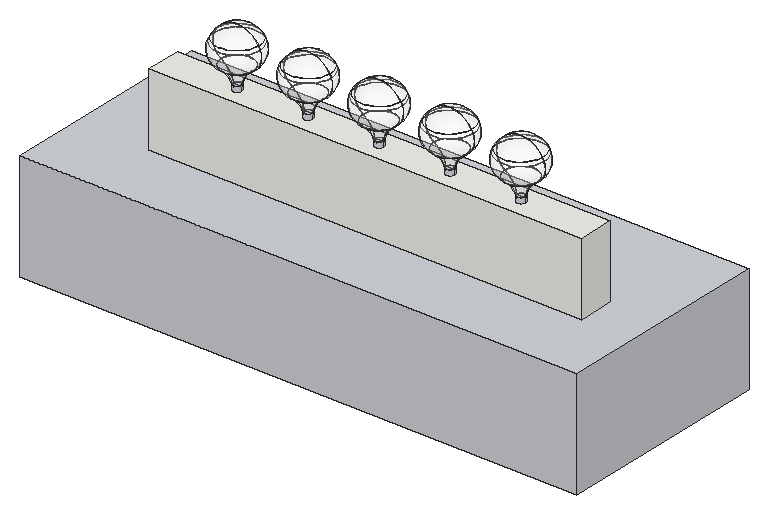
Revit family "M_Luminária de parede - Estética - LED", category Luminárias, Revit 2019
Family settings
  Hospedeiro = Face
  Cota do conector redondo = Utilizar diâmetro
  Tipo de parte = Normal
  Número OmniClass = 23.80.70.11.14
  Título OmniClass = General Luminaries, Directional
  Corte com vazios quando carregada = Não
  Fonte luminosa = Não
  Compartilhado = Não
  Ponto de cálculo do ambiente = Não
Parameters (values of type "Padrão")
  Voltagem = 120 V
  Número de pólos = 1
  Classificação de carga = Iluminação - Unidade de interrupção
  Material de sombra = Aço, acabamento de pintura, marfim, com brilho
  Lâmpada = "LED"
  Elevação-padrão = 1200 mm
  Material do difusor = Vidro, Branco, Alta Luminosidade
  Carga aparente = 15 VA
Reference planes
  plane 1 "Centro (Frente/Trás)": y = 0
  plane 2: z = 0
  plane 3 "Centro (Esquerda/Direita)": x = 0
  plane 4: y = 25.4
  plane 5: y = -25.4
  plane 6: x = -304.8
  plane 7: x = 304.8
  plane 8: z = 101.6
  plane 9: x = -199.827
  plane 10: x = 99.913
  plane 11: x = -99.913
  plane 12: x = 199.827
  plane 13: z = 152.4
Forms (mm)
  Extrusion 1, solid
    sketch origin (0, 0, 0) x (1, 0, 0) y (0, 1, 0)
      loop
        line (-406.4, 177.8) -> (-406.4, -124.102) -> (377.27, -124.102) -> (377.27, 177.8) -> (-406.4, 177.8)
    from 0 to -152.4
  Extrusion 2, solid, material "Aço, acabamento de pintura, marfim, com brilho" <- "Material de sombra"
    sketch origin (0, 0, 0) x (1, 0, 0) y (0, 1, 0)
      loop
        line (-304.8, 25.4) -> (-304.8, -25.4) -> (304.8, -25.4) -> (304.8, 25.4) -> (-304.8, 25.4)
    from 0 to 101.6
  Revolve 3, solid, material "Vidro, Branco, Alta Luminosidade" <- "Material do difusor"
    sketch origin (0, 0, 0) x (1, 0, 0) y (0, 0, 1)
      loop
        arc (-168.937, 167.138) -> (-182.195, 179.616) -> (-199.827, 184.15) r 36.55
        line (-199.827, 184.15) -> (-199.827, 183.282)
        arc (-199.827, 183.282) -> (-180.269, 177.787) -> (-167.449, 162.029) r 33.617
        arc (-167.449, 162.029) -> (-167.029, 145.425) -> (-177.425, 132.471) r 24.167
        arc (-177.425, 132.471) -> (-188.74, 121.998) -> (-195.078, 107.942) r 38.762
        line (-195.078, 107.942) -> (-193.976, 107.942)
        arc (-193.976, 107.942) -> (-187.769, 121.481) -> (-176.943, 131.709) r 39.036
        arc (-176.943, 131.709) -> (-165.594, 147.764) -> (-168.937, 167.138) r 25.663
      axis (-199.827, 184.15) -> (-199.827, 107.942)
    angle from 0 to 360
  Revolve 4, solid
    sketch origin (0, 0, 0) x (1, 0, 0) y (0, 0, 1)
      loop
        line (-199.827, 107.942) -> (-199.827, 101.6) -> (-193.99, 101.6) -> (-193.99, 107.942) -> (-199.827, 107.942)
      axis (-199.827, 107.942) -> (-199.827, 101.6)
    angle from 0 to 360
  Revolve 5, solid, material "Vidro, Branco, Alta Luminosidade" <- "Material do difusor"
    sketch origin (99.913, 0, 0) x (1, 0, 0) y (0, 0, 1)
      loop
        arc (-168.937, 167.138) -> (-182.195, 179.616) -> (-199.827, 184.15) r 36.55
        line (-199.827, 184.15) -> (-199.827, 183.282)
        arc (-199.827, 183.282) -> (-180.269, 177.787) -> (-167.449, 162.029) r 33.617
        arc (-167.449, 162.029) -> (-167.029, 145.425) -> (-177.425, 132.471) r 24.167
        arc (-177.425, 132.471) -> (-188.74, 121.998) -> (-195.078, 107.942) r 38.762
        line (-195.078, 107.942) -> (-193.976, 107.942)
        arc (-193.976, 107.942) -> (-187.769, 121.481) -> (-176.943, 131.709) r 39.036
        arc (-176.943, 131.709) -> (-165.594, 147.764) -> (-168.937, 167.138) r 25.663
      axis (-199.827, 184.15) -> (-199.827, 107.942)
    angle from 0 to 360
  Revolve 6, solid
    sketch origin (99.913, 0, 0) x (1, 0, 0) y (0, 0, 1)
      loop
        line (-199.827, 107.942) -> (-199.827, 101.6) -> (-193.99, 101.6) -> (-193.99, 107.942) -> (-199.827, 107.942)
      axis (-199.827, 107.942) -> (-199.827, 101.6)
    angle from 0 to 360
  Revolve 7, solid, material "Vidro, Branco, Alta Luminosidade" <- "Material do difusor"
    sketch origin (199.827, 0, 0) x (1, 0, 0) y (0, 0, 1)
      loop
        arc (-168.937, 167.138) -> (-182.195, 179.616) -> (-199.827, 184.15) r 36.55
        line (-199.827, 184.15) -> (-199.827, 183.282)
        arc (-199.827, 183.282) -> (-180.269, 177.787) -> (-167.449, 162.029) r 33.617
        arc (-167.449, 162.029) -> (-167.029, 145.425) -> (-177.425, 132.471) r 24.167
        arc (-177.425, 132.471) -> (-188.74, 121.998) -> (-195.078, 107.942) r 38.762
        line (-195.078, 107.942) -> (-193.976, 107.942)
        arc (-193.976, 107.942) -> (-187.769, 121.481) -> (-176.943, 131.709) r 39.036
        arc (-176.943, 131.709) -> (-165.594, 147.764) -> (-168.937, 167.138) r 25.663
      axis (-199.827, 184.15) -> (-199.827, 107.942)
    angle from 0 to 360
  Revolve 8, solid
    sketch origin (199.827, 0, 0) x (1, 0, 0) y (0, 0, 1)
      loop
        line (-199.827, 107.942) -> (-199.827, 101.6) -> (-193.99, 101.6) -> (-193.99, 107.942) -> (-199.827, 107.942)
      axis (-199.827, 107.942) -> (-199.827, 101.6)
    angle from 0 to 360
  Revolve 9, solid, material "Vidro, Branco, Alta Luminosidade" <- "Material do difusor"
    sketch origin (299.74, 0, 0) x (1, 0, 0) y (0, 0, 1)
      loop
        arc (-168.937, 167.138) -> (-182.195, 179.616) -> (-199.827, 184.15) r 36.55
        line (-199.827, 184.15) -> (-199.827, 183.282)
        arc (-199.827, 183.282) -> (-180.269, 177.787) -> (-167.449, 162.029) r 33.617
        arc (-167.449, 162.029) -> (-167.029, 145.425) -> (-177.425, 132.471) r 24.167
        arc (-177.425, 132.471) -> (-188.74, 121.998) -> (-195.078, 107.942) r 38.762
        line (-195.078, 107.942) -> (-193.976, 107.942)
        arc (-193.976, 107.942) -> (-187.769, 121.481) -> (-176.943, 131.709) r 39.036
        arc (-176.943, 131.709) -> (-165.594, 147.764) -> (-168.937, 167.138) r 25.663
      axis (-199.827, 184.15) -> (-199.827, 107.942)
    angle from 0 to 360
  Revolve 10, solid
    sketch origin (299.74, 0, 0) x (1, 0, 0) y (0, 0, 1)
      loop
        line (-199.827, 107.942) -> (-199.827, 101.6) -> (-193.99, 101.6) -> (-193.99, 107.942) -> (-199.827, 107.942)
      axis (-199.827, 107.942) -> (-199.827, 101.6)
    angle from 0 to 360
  Revolve 11, solid, material "Vidro, Branco, Alta Luminosidade" <- "Material do difusor"
    sketch origin (399.653, 0, 0) x (1, 0, 0) y (0, 0, 1)
      loop
        arc (-168.937, 167.138) -> (-182.195, 179.616) -> (-199.827, 184.15) r 36.55
        line (-199.827, 184.15) -> (-199.827, 183.282)
        arc (-199.827, 183.282) -> (-180.269, 177.787) -> (-167.449, 162.029) r 33.617
        arc (-167.449, 162.029) -> (-167.029, 145.425) -> (-177.425, 132.471) r 24.167
        arc (-177.425, 132.471) -> (-188.74, 121.998) -> (-195.078, 107.942) r 38.762
        line (-195.078, 107.942) -> (-193.976, 107.942)
        arc (-193.976, 107.942) -> (-187.769, 121.481) -> (-176.943, 131.709) r 39.036
        arc (-176.943, 131.709) -> (-165.594, 147.764) -> (-168.937, 167.138) r 25.663
      axis (-199.827, 184.15) -> (-199.827, 107.942)
    angle from 0 to 360
  Revolve 12, solid
    sketch origin (399.653, 0, 0) x (1, 0, 0) y (0, 0, 1)
      loop
        line (-199.827, 107.942) -> (-199.827, 101.6) -> (-193.99, 101.6) -> (-193.99, 107.942) -> (-199.827, 107.942)
      axis (-199.827, 107.942) -> (-199.827, 101.6)
    angle from 0 to 360
Dimensions and locks
  equal spacing: plane 6, plane 3 "Centro (Esquerda/Direita)", plane 7
  plane 6 to plane 7 = 609.6 mm
  equal spacing: plane 4, plane 1 "Centro (Frente/Trás)", plane 5
  plane 4 to plane 5 = 50.8 mm
  plane 8 to plane 2 = 101.6 mm
  locked: plane 13 to plane 8 at 50.8
  equal spacing: plane 9, plane 11, plane 3 "Centro (Esquerda/Direita)", plane 10, plane 12
  aligned and locked: plane 2 to Extrusion 1
  aligned and locked: level to Extrusion 1
  aligned and locked: Extrusion 2 sketch curve to plane 4
  aligned and locked: plane 6 to Extrusion 2 sketch curve
  aligned and locked: plane 5 to Extrusion 2 sketch curve
  aligned and locked: Extrusion 2 sketch curve to plane 7
  aligned and locked: Extrusion 2 to plane 2
  aligned and locked: plane 8 to Extrusion 2
  aligned and locked: Revolve 3 sketch curve to plane 9
  aligned and locked: Revolve 4 sketch curve to plane 9
  aligned and locked: Revolve 5 sketch curve to plane 11
  aligned and locked: Revolve 6 sketch curve to plane 11
  aligned and locked: Revolve 7 sketch curve to plane 3 "Centro (Esquerda/Direita)"
  aligned and locked: Revolve 8 sketch curve to plane 3 "Centro (Esquerda/Direita)"
  aligned and locked: Revolve 9 sketch curve to plane 10
  aligned and locked: Revolve 10 sketch curve to plane 10
  aligned and locked: Revolve 11 sketch curve to plane 12
  aligned and locked: Revolve 12 sketch curve to plane 12
Automatic sketch dimensions
  Extrusion 1 sketch curve to Extrusion 1 sketch curve = 783.67 mm
  Extrusion 1 sketch curve to Extrusion 1 sketch curve = 301.902 mm
  Revolve 3 sketch curve to Revolve 3 sketch curve = 8.091 mm
  Revolve 3 sketch curve to Revolve 3 sketch curve = 0.698 mm
  Revolve 3 sketch curve to Revolve 3 sketch curve = 1.239 mm
  Revolve 3 sketch curve to Revolve 3 sketch curve = 0.615 mm
  Revolve 3 sketch curve to Revolve 3 sketch curve = 2.083 mm
  Revolve 3 sketch curve to Revolve 3 sketch curve = 0.266 mm
  Revolve 3 sketch curve to Revolve 3 sketch curve = 0.868 mm
  Revolve 3 sketch curve to Revolve 3 sketch curve = 1.102 mm
  Revolve 3 sketch curve to Revolve 3 sketch curve = 0 mm  (x2)
  Revolve 3 sketch curve to Revolve 3 sketch curve = 0.482 mm
  Revolve 3 sketch curve to Revolve 3 sketch curve = 113.474 mm
  Revolve 4 sketch curve to Revolve 4 sketch curve = 5.836 mm
  Revolve 4 sketch curve to Revolve 4 sketch curve = 6.342 mm
  Revolve 3 sketch curve to Revolve 3 sketch curve = 1.11 mm
  Revolve 3 sketch curve to Revolve 3 sketch curve = 4.749 mm
  Revolve 3 sketch curve to Revolve 3 sketch curve = 36.697 mm
  Revolve 3 sketch curve to Revolve 3 sketch curve = 8.586 mm
  Revolve 3 sketch curve to Revolve 3 sketch curve = 5.82 mm
  Revolve 3 sketch curve to Revolve 3 sketch curve = 29.862 mm
  Revolve 3 sketch curve to Revolve 3 sketch curve = 248.114 mm
  Revolve 4 sketch curve to Revolve 4 sketch curve = 250.973 mm
  Revolve 4 sketch curve to Revolve 4 sketch curve = 213.761 mm
  Revolve 5 sketch curve to Revolve 5 sketch curve = 8.091 mm
  Revolve 5 sketch curve to Revolve 5 sketch curve = 0.698 mm
  Revolve 5 sketch curve to Revolve 5 sketch curve = 1.239 mm
  Revolve 5 sketch curve to Revolve 5 sketch curve = 0.615 mm
  Revolve 5 sketch curve to Revolve 5 sketch curve = 2.083 mm
  Revolve 5 sketch curve to Revolve 5 sketch curve = 0.266 mm
  Revolve 5 sketch curve to Revolve 5 sketch curve = 0.868 mm
  Revolve 5 sketch curve to Revolve 5 sketch curve = 1.102 mm
  Revolve 5 sketch curve to Revolve 5 sketch curve = 0 mm  (x2)
  Revolve 5 sketch curve to Revolve 5 sketch curve = 0.482 mm
  Revolve 5 sketch curve to Revolve 5 sketch curve = 113.474 mm
  Revolve 6 sketch curve to Revolve 6 sketch curve = 5.836 mm
  Revolve 6 sketch curve to Revolve 6 sketch curve = 6.342 mm
  Revolve 5 sketch curve to Revolve 5 sketch curve = 1.11 mm
  Revolve 5 sketch curve to Revolve 5 sketch curve = 4.749 mm
  Revolve 5 sketch curve to Revolve 5 sketch curve = 36.697 mm
  Revolve 5 sketch curve to Revolve 5 sketch curve = 8.586 mm
  Revolve 5 sketch curve to Revolve 5 sketch curve = 5.82 mm
  Revolve 5 sketch curve to Revolve 5 sketch curve = 29.862 mm
  Revolve 5 sketch curve to Revolve 5 sketch curve = 248.114 mm
  Revolve 6 sketch curve to Revolve 6 sketch curve = 250.973 mm
  Revolve 6 sketch curve to Revolve 6 sketch curve = 213.761 mm
  Revolve 7 sketch curve to Revolve 7 sketch curve = 8.091 mm
  Revolve 7 sketch curve to Revolve 7 sketch curve = 0.698 mm
  Revolve 7 sketch curve to Revolve 7 sketch curve = 1.239 mm
  Revolve 7 sketch curve to Revolve 7 sketch curve = 0.615 mm
  Revolve 7 sketch curve to Revolve 7 sketch curve = 2.083 mm
  Revolve 7 sketch curve to Revolve 7 sketch curve = 0.266 mm
  Revolve 7 sketch curve to Revolve 7 sketch curve = 0.868 mm
  Revolve 7 sketch curve to Revolve 7 sketch curve = 1.102 mm
  Revolve 7 sketch curve to Revolve 7 sketch curve = 0 mm  (x3)
  Revolve 7 sketch curve to Revolve 7 sketch curve = 0.482 mm
  Revolve 7 sketch curve to Revolve 7 sketch curve = 113.474 mm
  Revolve 8 sketch curve to Revolve 8 sketch curve = 5.836 mm
  Revolve 8 sketch curve to Revolve 8 sketch curve = 6.342 mm
  Revolve 7 sketch curve to Revolve 7 sketch curve = 1.11 mm
  Revolve 7 sketch curve to Revolve 7 sketch curve = 4.749 mm
  Revolve 7 sketch curve to Revolve 7 sketch curve = 36.697 mm
  Revolve 7 sketch curve to Revolve 7 sketch curve = 8.586 mm
  Revolve 7 sketch curve to Revolve 7 sketch curve = 5.82 mm
  Revolve 7 sketch curve to Revolve 7 sketch curve = 29.862 mm
  Revolve 7 sketch curve to Revolve 7 sketch curve = 248.114 mm
  Revolve 8 sketch curve to Revolve 8 sketch curve = 0 mm
  Revolve 8 sketch curve to Revolve 8 sketch curve = 250.973 mm
  Revolve 8 sketch curve to Revolve 8 sketch curve = 213.761 mm
  Revolve 9 sketch curve to Revolve 9 sketch curve = 8.091 mm
  Revolve 9 sketch curve to Revolve 9 sketch curve = 0.698 mm
  Revolve 9 sketch curve to Revolve 9 sketch curve = 1.239 mm
  Revolve 9 sketch curve to Revolve 9 sketch curve = 0.615 mm
  Revolve 9 sketch curve to Revolve 9 sketch curve = 2.083 mm
  Revolve 9 sketch curve to Revolve 9 sketch curve = 0.266 mm
  Revolve 9 sketch curve to Revolve 9 sketch curve = 0.868 mm
  Revolve 9 sketch curve to Revolve 9 sketch curve = 1.102 mm
  Revolve 9 sketch curve to Revolve 9 sketch curve = 0 mm  (x2)
  Revolve 9 sketch curve to Revolve 9 sketch curve = 0.482 mm
  Revolve 9 sketch curve to Revolve 9 sketch curve = 113.474 mm
  Revolve 10 sketch curve to Revolve 10 sketch curve = 5.836 mm
  Revolve 10 sketch curve to Revolve 10 sketch curve = 6.342 mm
  Revolve 9 sketch curve to Revolve 9 sketch curve = 1.11 mm
  Revolve 9 sketch curve to Revolve 9 sketch curve = 4.749 mm
  Revolve 9 sketch curve to Revolve 9 sketch curve = 36.697 mm
  Revolve 9 sketch curve to Revolve 9 sketch curve = 8.586 mm
  Revolve 9 sketch curve to Revolve 9 sketch curve = 5.82 mm
  Revolve 9 sketch curve to Revolve 9 sketch curve = 29.862 mm
  Revolve 9 sketch curve to Revolve 9 sketch curve = 248.114 mm
  Revolve 10 sketch curve to Revolve 10 sketch curve = 250.973 mm
  Revolve 10 sketch curve to Revolve 10 sketch curve = 213.761 mm
  Revolve 11 sketch curve to Revolve 11 sketch curve = 8.091 mm
  Revolve 11 sketch curve to Revolve 11 sketch curve = 0.698 mm
  Revolve 11 sketch curve to Revolve 11 sketch curve = 1.239 mm
  Revolve 11 sketch curve to Revolve 11 sketch curve = 0.615 mm
  Revolve 11 sketch curve to Revolve 11 sketch curve = 2.083 mm
  Revolve 11 sketch curve to Revolve 11 sketch curve = 0.266 mm
  Revolve 11 sketch curve to Revolve 11 sketch curve = 0.868 mm
  Revolve 11 sketch curve to Revolve 11 sketch curve = 1.102 mm
  Revolve 11 sketch curve to Revolve 11 sketch curve = 0 mm  (x2)
  Revolve 11 sketch curve to Revolve 11 sketch curve = 0.482 mm
  Revolve 11 sketch curve to Revolve 11 sketch curve = 113.474 mm
  Revolve 12 sketch curve to Revolve 12 sketch curve = 5.836 mm
  Revolve 12 sketch curve to Revolve 12 sketch curve = 6.342 mm
  Revolve 11 sketch curve to Revolve 11 sketch curve = 1.11 mm
  Revolve 11 sketch curve to Revolve 11 sketch curve = 4.749 mm
  Revolve 11 sketch curve to Revolve 11 sketch curve = 36.697 mm
  Revolve 11 sketch curve to Revolve 11 sketch curve = 8.586 mm
  Revolve 11 sketch curve to Revolve 11 sketch curve = 5.82 mm
  Revolve 11 sketch curve to Revolve 11 sketch curve = 29.862 mm
  Revolve 11 sketch curve to Revolve 11 sketch curve = 248.114 mm
  Revolve 12 sketch curve to Revolve 12 sketch curve = 250.973 mm
  Revolve 12 sketch curve to Revolve 12 sketch curve = 213.761 mm
  Revolve 3 sketch curve to plane 9 = 0 mm
  Revolve 3 sketch curve to plane 8 = 2.859 mm
  Revolve 4 sketch curve to plane 9 = 0 mm
  Revolve 4 sketch curve to plane 8 = 0 mm
  Revolve 5 sketch curve to plane 11 = 0 mm
  Revolve 5 sketch curve to plane 8 = 2.859 mm
  Revolve 6 sketch curve to plane 11 = 0 mm
  Revolve 6 sketch curve to plane 8 = 0 mm
  Revolve 7 sketch curve to plane 8 = 2.859 mm
  Revolve 8 sketch curve to plane 8 = 0 mm
  Revolve 9 sketch curve to plane 10 = 0 mm
  Revolve 9 sketch curve to plane 8 = 2.859 mm
  Revolve 10 sketch curve to plane 10 = 0 mm
  Revolve 10 sketch curve to plane 8 = 0 mm
  Revolve 11 sketch curve to plane 12 = 0 mm
  Revolve 11 sketch curve to plane 8 = 2.859 mm
  Revolve 12 sketch curve to plane 12 = 0 mm
  Revolve 12 sketch curve to plane 8 = 0 mm
Nested families
  nested 1: "M_Fonte luminosa" at (-199.827, -31.75, 153.194) x (0, 1, 0) z (0, 0, 1), type "M_Fonte luminosa"
  nested 2: "M_Fonte luminosa" at (-99.913, -31.75, 153.194) x (0, 1, 0) z (0, 0, 1), type "M_Fonte luminosa"
  nested 3: "M_Fonte luminosa" at (0, -31.75, 153.194) x (0, 1, 0) z (0, 0, 1), type "M_Fonte luminosa"
  nested 4: "M_Fonte luminosa" at (99.913, -31.75, 153.194) x (0, 1, 0) z (0, 0, 1), type "M_Fonte luminosa"
  nested 5: "M_Fonte luminosa" at (199.827, -31.75, 153.194) x (0, 1, 0) z (0, 0, 1), type "M_Fonte luminosa"
Connectors
  electrical at (-304.8, 0, 50.8), driven by "Número de pólos", driven by "Classificação de carga", driven by "Voltagem", driven by "Carga aparente", driven by "Carga aparente"
    settings: on Extrusion 2, index 1, voltage 120 V, apparent load 15 VA, apparent load phase1 15 VA, apparent load phase2 0 VA, apparent load phase3 0 VA, power factor 0.95, load classification "Iluminação - Unidade de interrupção", number of poles 1, system type 31, power factor state 1, is connector primary yes, connector utility no, sub classification motor no, connector description ""
Definition of nested family "M_Fonte luminosa"
  Parameters (values of type "M_Fonte luminosa")
    Wattage = 9.2903 W
    built-in parameter 1150110 = 1 (stored number, unit not read)
    built-in parameter 1114217 = 1 (stored number, unit not read)
    Tilt Angle = 30.00°
    built-in parameter 1150109 = 1 (stored number, unit not read)
    built-in parameter 1150134 = 3
    built-in parameter 1150113 = 1 (stored number, unit not read)
    Photometric Web File = "24LWL2S.IES"
    built-in parameter 1150105 = 109.82 (stored number, unit not read)
    Lumens = 1380 lm
    built-in parameter 1150115 = 1 (stored number, unit not read)
    built-in parameter 1150137 = (empty or 0)
    built-in parameter 1150139 = (empty or 0)
    built-in parameter 1150112 = 1 (stored number, unit not read)
    built-in parameter 1150114 = 1 (stored number, unit not read)
    built-in parameter 1150132 = (empty or 0)
    built-in parameter 1150102 = (empty or 0)
    built-in parameter 1150107 = 3200 (stored number, unit not read)
    built-in parameter 1150138 = (empty or 0)
    built-in parameter 1150106 = 1.0982 (stored number, unit not read)
    built-in parameter 1150104 = 13.8 (stored number, unit not read)
    Dimming Lamp Color Temperature Shift = (empty or 0)
    Color Filter = 16777215
    built-in parameter 1114218 = 1 (stored number, unit not read)
    built-in parameter 1150133 = 10 (stored number, unit not read)
  Reference planes
    plane 1 "Centro (Frente/Trás)": y = 0
    plane 2: z = 0
    plane 3 "Centro (Esquerda/Direita)": x = 0
  Dimensions and locks
    aligned and locked: plane 2 to level
